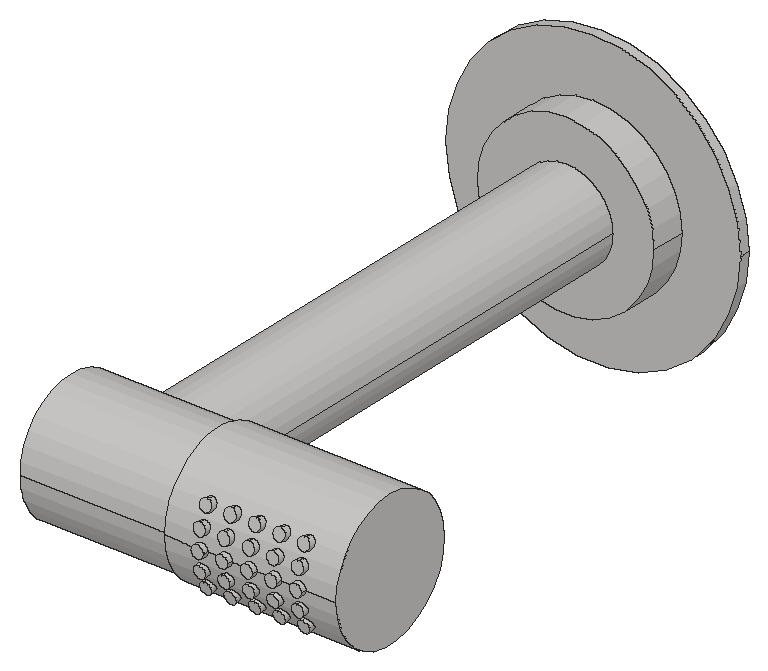
Revit family "080", category Generic Models, Revit 2021
Family settings
  Can host rebar = No
  Round Connector Dimension = Use Diameter
  Part Type = Normal
  Work Plane-Based = No
  Always vertical = Yes
  Cut with Voids When Loaded = No
  Shared = No
  Room Calculation Point = No
Parameters (values of type "Standard")
  e-mail = "info@vola.com"
  URL = "http://vola.com"
  Telephone = "+45 7023 5500"
  Quality management standard = "ISO 9001"
  Organisation no. / DUNS no. = "17531328"
  Occupational health and safety management standard = "ISO 18001"
  Mounting Instructions = "http://vola.com/service/producturl.ashx?name=080"
  Model = "080"
  Materials and components information = "http://vola.com/service/producturl.ashx?name=080"
  Manufacturer = "VOLA A/S"
  Maintenance Instructions = "http://vola.com/service/producturl.ashx?name=080"
  Guarantee = "2 years"
  Flow = "14,00 l/min"
  Environmental management standard = "ISO 14000"
  Default Elevation = 0.00 mm
  Connection - All relevant connections = ""
  Approvals = "http://vola.com/service/producturl.ashx?name=080"
Reference planes
  plane 1 "Center (Front/Back)": y = 0
  plane 2: z = 0
  plane 3 "Center (Left/Right)": x = 0
  plane 4: x = 42.5
Forms (mm)
  Extrusion 1, solid, material "Stainless Steel"
    sketch origin (0, -0.5, 0) x (1, 0, 0) y (0, 0, 1)
      loop
        circle (0, 0) r 30
    from -0.5 to 1.5
  Extrusion 2, solid, material "Stainless Steel"
    sketch origin (0, -2, 0) x (1, 0, 0) y (0, 0, 1)
      loop
        circle (0, 0) r 18
    from 0 to 7
  Extrusion 3, solid, material "Stainless Steel"
    sketch origin (0, -9, 0) x (1, 0, 0) y (0, 0, 1)
      loop
        circle (0, 0) r 9.5
    from 0 to 108
  Extrusion 4, solid, material "Stainless Steel"
    sketch origin (0, 0.25, 0) x (0, 1, 0) y (0, 0, 1)
      loop
        circle (-116.5, 0) r 13
    from -15 to 15
  Extrusion 5, solid, material "Stainless Steel"
    sketch origin (15, 0.25, 0) x (0, 1, 0) y (0, 0, 1)
      loop
        circle (-116.5, 0) r 13.75
    from 0 to 35
  Extrusion 6, solid, material "Stainless Steel"
    sketch origin (9.158, -130.336, 4.898) x (0, 0.121869, 0.992546) y (-1, 0, 0)
      loop
        circle (-0.95, -33.342) r 1.25
      loop
        circle (-0.95, -28.342) r 1.25
      loop
        circle (-0.95, -23.342) r 1.25
      loop
        circle (-0.95, -18.342) r 1.25
      loop
        circle (-0.95, -13.342) r 1.25
    from 0 to -2
  Extrusion 7, solid, material "Stainless Steel"
    sketch origin (-0.5, -128.863, 8.583) x (0, 0.241922, 0.970296) y (-1, 0, 0)
      loop
        circle (-0.95, -43) r 1.25
      loop
        circle (-0.95, -38) r 1.25
      loop
        circle (-0.95, -33) r 1.25
      loop
        circle (-0.95, -28) r 1.25
      loop
        circle (-0.95, -23) r 1.25
    from -0.25 to -2
  Extrusion 8, solid, material "Stainless Steel"
    sketch origin (-0.5, -131.25, 0.95) x (0, 0, 1) y (-1, 0, 0)
      loop
        circle (-0.95, -43) r 1.25
      loop
        circle (-0.95, -38) r 1.25
      loop
        circle (-0.95, -33) r 1.25
      loop
        circle (-0.95, -28) r 1.25
      loop
        circle (-0.95, -23) r 1.25
    from -0.25 to -2
  Extrusion 9, solid, material "Stainless Steel"
    sketch origin (9.158, -130.336, -4.898) x (0, 0.121869, -0.992546) y (1, 0, 0)
      loop
        circle (-0.95, 33.342) r 1.25
      loop
        circle (-0.95, 28.342) r 1.25
      loop
        circle (-0.95, 23.342) r 1.25
      loop
        circle (-0.95, 18.342) r 1.25
      loop
        circle (-0.95, 13.342) r 1.25
    from 0 to -2
  Extrusion 10, solid, material "Stainless Steel"
    sketch origin (-0.5, -128.863, -8.583) x (0, 0.241922, -0.970296) y (1, 0, 0)
      loop
        circle (-0.95, 43) r 1.25
      loop
        circle (-0.95, 38) r 1.25
      loop
        circle (-0.95, 33) r 1.25
      loop
        circle (-0.95, 28) r 1.25
      loop
        circle (-0.95, 23) r 1.25
    from -0.25 to -2
Cuts and joins
  joined: Extrusion 3, Extrusion 4
  joined: Extrusion 5, Extrusion 6, Extrusion 7, Extrusion 8, Extrusion 9, Extrusion 10
Dimensions and locks
  aligned and locked: plane 2 to level
